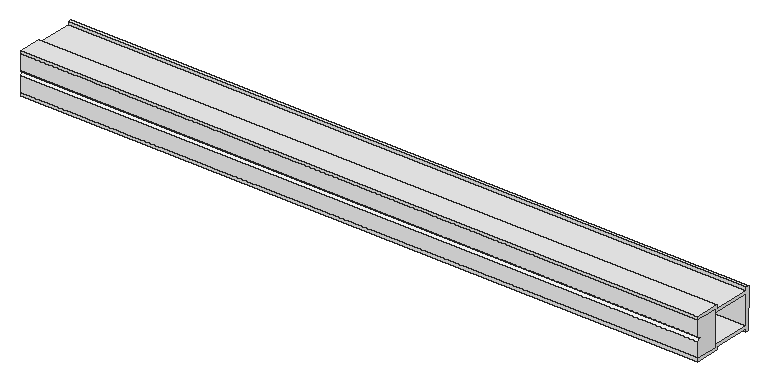
Revit family "4070751+4070746 Feilo Sylvania Lighting Fixture CURSUS 591MM 414LM OVAL LED 3K with CONTINUOUS WALL HOUSING", category Lighting Fixtures, host Face, Revit 2017
Family settings
  Host = Face
  Round Connector Dimension = Use Diameter
  Part Type = Normal
  OmniClass Number = 23.80.70.14
  OmniClass Title = Luminaries for External Lighting
  Cut with Voids When Loaded = Yes
  Light Source = Yes
  Shared = Yes
  Room Calculation Point = No
Parameters (values of type "4070751 CURSUS 591MM 414LM OVAL LED 3K")
  Width_FEILO = 35 mm
  Weight = "1.2 kg"
  Wattage Comments = "n/a"
  Wattage = 9 W
  WarrantyStartDate [instance] = "n/a"
  WarrantyGuarantorParts = "n/a"
  WarrantyDurationUnit = "n/a"
  WarrantyDurationParts = "n/a"
  WarrantyDescription = "n/a"
  WallThickness_FEILO = 2.5 mm
  built-in parameter 1150110 = 1 (stored number, unit not read)
  Voltage = 24 V
  URL = "http://www.sylvania-lighting.com"
  TypeName = "CURSUS 591MM 414LM OVAL LED 3K"
  Type Image = <None>
  Type Comments = "n/a"
  built-in parameter 1114217 = 1 (stored number, unit not read)
  Tilt Angle = -90.00°
  built-in parameter 1150109 = 1 (stored number, unit not read)
  built-in parameter 1150134 = (empty or 0)
  built-in parameter 1150113 = 1 (stored number, unit not read)
  SerialNumber [instance] = "n/a"
  ReflectorMaterial = none
  PowerFactor = 0
  PowerConsumption = "9 W"
  Photometric Web File = "4070751.ies"
  NominalLength = 591 mm
  NominalHeight = 50 mm
  NominalDepth = 30 mm
  Name = "CURSUS 591MM 414LM OVAL LED 3K"
  ModelReference = Name  # "CURSUS 591MM 414LM OVAL LED 3K"
  ModelNumber = "4070751"
  Model = Name  # "CURSUS 591MM 414LM OVAL LED 3K"
  Material = "natural anodised extruded aluminium structure housing, optical system with pmma lenses diffuser"
  ManufacturerName = "Feilo Sylvania"
  Manufacturer = "Feilo Sylvania"
  LuminousEfficacy = "46 lm/W"
  built-in parameter 1150105 = 583.97 (stored number, unit not read)
  Lumens = 414 lm
  LuminaireType = ""
  built-in parameter 1150115 = 1 (stored number, unit not read)
  LightOutputRatio = "100"
  built-in parameter 1150137 = (empty or 0)
  built-in parameter 1150139 = (empty or 0)
  Length_FEILO = 597 mm
  LampsType = Lamp  # "LED"
  LampNominalLuminous = "414 lm"
  LampMacAdamStep = "n/a"
  LampColourTemperature = "3000 K"
  LampColourRenderingIndex = "80"
  built-in parameter 1150112 = 1 (stored number, unit not read)
  built-in parameter 1150114 = 1 (stored number, unit not read)
  Lamp = "LED"
  Keynote = "16500"
  InstallationDate [instance] = "n/a"
  InputVoltage = "24V DC"
  InputNominalFrequency = "n/a"
  built-in parameter 1150132 = (empty or 0)
  built-in parameter 1150102 = (empty or 0)
  built-in parameter 1150107 = 3000 (stored number, unit not read)
  built-in parameter 1150138 = (empty or 0)
  IngressProtection = "IP67"
  ImpactProtectionIndex = "IK07"
  built-in parameter 1150106 = 5.8397 (stored number, unit not read)
  IfcExportType = "IfcLightFixtureType"
  IfcExportAs = "IfcLightFixtureType"
  ExpectedLife = 50000
  EndCapRight [instance] = no
  EndCapLeft [instance] = no
  Emit from Rectangle Width = Width_FEILO - WallThickness_FEILO * 2  # 30 mm
  Emit from Rectangle Length = Length_FEILO - WallThickness_FEILO * 2  # 592 mm
  Emit Shape Visible in Rendering = no
  ElectricShockClassification = "Class III"
  built-in parameter 1150104 = 4.2735 (stored number, unit not read)
  DurationUnit = "hours"
  DocumentationLiterature = "http://www.sylvania-lighting.com/product/en-int/products/4070751"
  DimmingControlOptions = "n/a"
  Dimming Lamp Color Temperature Shift = <None>
  DiffuserMaterial = Diffuser-Sylvania-Glow
  Description = "LED Exterior Lighting Recessed Surface Mounted Linear Fixture, Natural anodised extruded aluminium structure. Die-cast aluminium end caps. Installation kit with harmonic steel springs., 414 lm, 9W, 46lm/W, 3000K, CRI80+,non dimmable,IP67, IK07, (HxWxD) 591x50x30mm, 3 step Mac Adam Ellipse, 1.2kg,, Classe III, 21-25V-DC, energy class : A++, A+, A"
  Default Elevation = 1219.2 mm
  CreatedOn = "1/8/2018"
  CreatedBy = ""
  Cost = 0
  Color Filter = 16777215
  built-in parameter 1114216 [instance] = (empty or 0)
  ClassificationValue = "EF_70_80"
  ClassificationName = "Uniclass2015"
  BodyMaterial = Body-Sylvania-Gray
  BarCode [instance] = "n/a"
  built-in parameter 1114218 = 1 (stored number, unit not read)
  built-in parameter 1150133 = 10 (stored number, unit not read)
  AssetType = "Fixed"
  AssetIdentifier [instance] = "n/a"
  Assembly Code = "D5020200"
  Apparent Load = 9 VA
  AccessoryMaterial = Diffuser-Sylvania-Glow
Reference planes
  plane 1 "Center (Front/Back)": y = 0
  plane 2: z = 0
  plane 3 "Center (Left/Right)": x = 0
  plane 4: x = 298.5
  plane 5: x = -298.5
  plane 6: x = -296
  plane 7: x = 296
  plane 8: z = 35
  plane 9: z = 17.5
  plane 10: z = 32.5
  plane 11: z = 2.5
  plane 12: z = 30
  plane 13: z = 5
  plane 14: y = -55
  plane 15: y = -53
  plane 16: y = -2.5
  plane 17: y = -37
  plane 18: y = -34.5
Forms (mm)
  Extrusion 1, solid, material "Body-Sylvania-Gray" <- "BodyMaterial"
    sketch origin (0, 0, 0) x (0, 1, 0) y (0, 0, 1)
      loop
        line (0, 35) -> (-2.5, 35) -> (-2.5, 32.5) -> (-34.5, 32.5) -> (-34.5, 35) -> (-55, 35) -> (-55, 32.5) -> (-37, 32.5) -> (-37, 30) -> (-2.5, 30) -> (-2.5, 5) -> (-37, 5) -> (-37, 2.5) -> (-55, 2.5) -> (-55, 0) -> (-34.5, 0) -> (-34.5, 2.5) -> (-2.5, 2.5) -> (-2.5, 0) -> (0, 0) -> (0, 35)
    from -296 to 296
  Extrusion 2, solid, material "Diffuser-Sylvania-Glow" <- "DiffuserMaterial"
    sketch origin (0, 0, 0) x (0, 1, 0) y (0, 0, 1)
      loop
        line (-37, 32.5) -> (-55, 32.5) -> (-55, 19.5) -> (-53, 17.5) -> (-55, 15.5) -> (-55, 2.5) -> (-37, 2.5) -> (-37, 32.5)
    from -296 to 296
  Extrusion 3, solid, material "Body-Sylvania-Gray" <- "BodyMaterial", visible <- "EndCapRight"
    sketch origin (296, 1524, 1219.2) x (0, 1, 0) y (0, 0, 1)
      loop
        line (-1579, -1184.2) -> (-1579, -1219.2) -> (-1524, -1219.2) -> (-1524, -1184.2) -> (-1579, -1184.2)
    from 0 to 2.5
  Extrusion 4, solid, material "Body-Sylvania-Gray" <- "BodyMaterial", visible <- "EndCapLeft"
    sketch origin (-296, 1524, 1219.2) x (0, 1, 0) y (0, 0, 1)
      loop
        line (-1579, -1184.2) -> (-1579, -1219.2) -> (-1524, -1219.2) -> (-1524, -1184.2) -> (-1579, -1184.2)
    from -2.5 to 0
Dimensions and locks
  equal spacing: plane 5, plane 3 "Center (Left/Right)", plane 4
  "Length_FEILO": plane 5 to plane 4
  equal spacing: plane 6, plane 3 "Center (Left/Right)", plane 7
  "WallThickness_FEILO": plane 5 to plane 6
  locked: plane 9 to plane 2 at 17.5
  locked: plane 8 to plane 2 at 35
  equal spacing: plane 11, plane 9, plane 10
  equal spacing: plane 13, plane 9, plane 12
  "WallThickness_FEILO": plane 12 to plane 10
  locked: plane 14 to plane 15 at 2
  locked: plane 14 to plane 17 at 18
  "WallThickness_FEILO": plane 17 to plane 18
  "WallThickness_FEILO": plane 16 to plane 1 "Center (Front/Back)"
  locked: plane 15 to Extrusion 2 sketch curve (angle 45.00°)
  locked: Extrusion 2 sketch curve to plane 15 (angle 45.00°)
  aligned and locked: plane 2 to host face
  aligned and locked: level to host face
  aligned and locked: plane 1 "Center (Front/Back)" to Extrusion 1 sketch curve
  aligned and locked: Extrusion 1 sketch curve to plane 8  (x2)
  aligned and locked: plane 16 to Extrusion 1 sketch curve
  aligned and locked: host face to Extrusion 1 sketch curve
  aligned and locked: Extrusion 1 sketch curve to plane 16  (x2)
  aligned and locked: Extrusion 1 sketch curve to plane 11
  aligned and locked: plane 18 to Extrusion 1 sketch curve
  aligned and locked: level to Extrusion 1 sketch curve
  aligned and locked: plane 11 to Extrusion 1 sketch curve
  aligned and locked: Extrusion 1 sketch curve to plane 17
  aligned and locked: plane 13 to Extrusion 1 sketch curve
  aligned and locked: Extrusion 1 sketch curve to plane 12
  aligned and locked: plane 10 to Extrusion 1 sketch curve  (x2)
  aligned and locked: plane 17 to Extrusion 1 sketch curve  (x2)
  aligned and locked: plane 12 to Extrusion 1 sketch curve
  aligned and locked: Extrusion 1 sketch curve to plane 10
  aligned and locked: Extrusion 1 sketch curve to plane 18
  aligned and locked: plane 7 to Extrusion 1
  aligned and locked: Extrusion 1 to plane 6
  aligned and locked: Extrusion 2 sketch curve to Extrusion 1  (x4)
  aligned and locked: Extrusion 1 to Extrusion 2 sketch curve
  aligned and locked: plane 9 to Extrusion 2 sketch curve
  aligned and locked: plane 7 to Extrusion 2
  aligned and locked: Extrusion 2 to plane 6
  aligned and locked: Extrusion 3 sketch curve to Extrusion 1  (x4)
  aligned and locked: plane 4 to Extrusion 3
  aligned and locked: Extrusion 3 to plane 7
  aligned and locked: Extrusion 4 sketch curve to Extrusion 3  (x3)
  aligned and locked: Extrusion 4 sketch curve to Extrusion 1
  aligned and locked: Extrusion 4 to plane 5
  aligned and locked: plane 6 to Extrusion 4
  aligned and locked: plane 14 to imposter light
  aligned and locked: imposter light to plane 9
  aligned and locked: plane 3 "Center (Left/Right)" to imposter light
Automatic sketch dimensions
  host sketch curve to host sketch curve = 2438.4 mm  (x2)
  Extrusion 1 sketch curve to plane 14 = 0 mm  (x2)
  Extrusion 2 sketch curve to plane 15 = 0 mm
Connectors
  electrical at (0, 0, 0), driven by "Apparent Load", driven by "PowerFactor", driven by "Voltage"
    settings: index 1, voltage 24 V, apparent load 9 VA, apparent load phase1 0 VA, apparent load phase2 0 VA, apparent load phase3 0 VA, power factor 0, load classification "Lighting", number of poles 1, system type 30, power factor state 1, is connector primary yes, connector utility no, sub classification motor no, connector description ""
